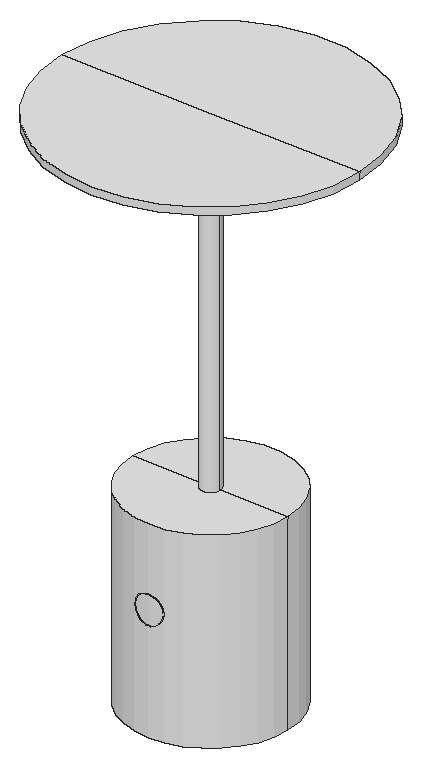
Revit family "ARKOSLIGHT_Yoru", category Lighting Fixtures, Revit 2019
Family settings
  Round Connector Dimension = Use Diameter
  Part Type = Normal
  OmniClass Number = 23.80.70.00
  OmniClass Title = Lighting
  Work Plane-Based = No
  Always vertical = Yes
  Cut with Voids When Loaded = No
  Light Source = No
  Shared = No
  Room Calculation Point = No
Parameters (values of type "A4560000WT - YORU 2700K WT")
  URL = "https://www.arkoslight.com/en/product/yoru01-es/"
  Type Comments = ""
  Model = ARKOSLIGHT_Model  # "YORU"
  Manufacturer = "ARKOSLIGHT"  # constant formula
  IES = IES : A4560000WT - YORU 2700K WT
  Apparent Load = ARKOSLIGHT_Apparent Load  # 2.6 VA
  ARKOSLIGHT_Series = "YORU"  # constant formula
  ARKOSLIGHT_Reference = "A4560000WT"
  ARKOSLIGHT_Model = "YORU"  # constant formula
  ARKOSLIGHT_Luminous flux = 400 lm
  ARKOSLIGHT_IP = "20"
  ARKOSLIGHT_IES = "A456-00-00 YORU 2700K CRI90.ies"
  ARKOSLIGHT_Fixture Type = "WALL, FLOOR & PORTABLE"  # constant formula
  ARKOSLIGHT_Efficiency = "84%"
  ARKOSLIGHT_Dimming = "3-STEP DIMMING 100% - 50% - 10% - 0% (Switch off)"
  ARKOSLIGHT_Color = "Textured white"
  ARKOSLIGHT_CRI = "CRI>90"
  ARKOSLIGHT_CCT = 2700 K
  ARKOSLIGHT_Body Color = ARKOSLIGHT_Textured white
  ARKOSLIGHT_Beam Angle = 100.00°
  ARKOSLIGHT_Apparent Load = 2.6 VA
Types (2, lengths in mm): name | IES | ARKOSLIGHT_Reference | ARKOSLIGHT_Color | ARKOSLIGHT_Body Color
  A4560000WT - YORU 2700K WT | IES : A4560000WT - YORU 2700K WT | "A4560000WT" | "Textured white" | ARKOSLIGHT_Textured white
  A4560000NT - YORU 2700K NT | IES : A4560000NT - YORU 2700K NT | "A4560000NT" | "Textured black" | ARKOSLIGHT_Textured black
Reference planes
  plane 1 "Light Source Axis (F/B)": y = 0
  plane 2: z = 0
  plane 3 "Light Source Axis (L/R)": x = 0
  plane 4 "Light Source Elevation": z = 220
Forms (mm)
  Revolve 1, solid, material "ARKOSLIGHT_Textured white" <- "ARKOSLIGHT_Body Color"
    sketch origin (0, 0, 0) x (1, 0, 0) y (0, 0, 1)
      loop
        line (62.5, 220) -> (0, 220) -> (0, 0) -> (32.5, 0) -> (32.5, 80.166) -> (3.973, 80.166) -> (3.973, 211.005) -> (11.081, 211.005) -> (11.081, 217.399) -> (30.406, 217.399) -> (30.406, 211.005) -> (32.338, 211.005) -> (32.5, 217.005) -> (62.5, 217.005) -> (62.5, 220)
      axis (0, 220) -> (0, 0)
    angle from 0 to 360
  Extrusion 2, solid
    sketch origin (0, 0, 217.399) x (1, 0, 0) y (0, -1, 0)
      loop
        circle (0, 0) r 30.406
      loop
        circle (0, 0) r 11.081
    from 0 to 6.395
  Extrusion 3, void
    sketch origin (0, 0, 0) x (1, 0, 0) y (0, 0, 1)
      loop
        circle (0, 48.106) r 6
      loop
        circle (0, 48.106) r 5.8
    from 25.63 to 32.671
Cuts and joins
  Extrusion 3 cuts Revolve 1
Lines and regions (mm)
  Masking region 1
    outline origin (0, 0, 217.399) x (1, 0, 0) y (0, 1, 0)
      loop
        circle (0, 0) r 62.5
  Masking region 2
    outline origin (0, 0, 0) x (1, 0, 0) y (0, 0, 1)
      loop
        line (62.5, 220) -> (-62.5, 220) -> (-62.5, 217.005) -> (-32.5, 217.005) -> (-32.338, 211.005) -> (-3.973, 211.005) -> (-3.973, 80.166) -> (-32.5, 80.166) -> (-32.5, 0) -> (32.5, 0) -> (32.5, 80.166) -> (3.973, 80.166) -> (3.973, 211.005) -> (32.338, 211.005) -> (32.5, 217.005) -> (62.5, 217.005) -> (62.5, 220)
  Masking region 3
    outline origin (0, 0, 0) x (0, 1, 0) y (0, 0, 1)
      loop
        line (-62.499, 220) -> (-62.499, 217.005) -> (-32.5, 217.005) -> (-32.338, 211.005) -> (-3.973, 211.005) -> (-3.973, 80.166) -> (-32.5, 80.166) -> (-32.5, 0) -> (32.5, 0) -> (32.5, 80.166) -> (3.973, 80.166) -> (3.973, 211.005) -> (32.338, 211.005) -> (32.5, 217.005) -> (62.499, 217.005) -> (62.499, 220) -> (-62.499, 220)
  symbolic lines
    curve 1: line (-32.5, 0, 217.005) -> (32.5, 0, 217.005)
    curve 2: line (-3.973, 0, 211.005) -> (3.973, 0, 211.005)
    curve 3: line (-3.973, 0, 80.166) -> (3.973, 0, 80.166)
    curve 4: circle (0, 0, 48.106) r 6 normal (0, -1, 0)
    curve 5: line (0, 32.5, 217.005) -> (0, -32.5, 217.005)
    curve 6: line (0, 3.973, 211.005) -> (0, -3.973, 211.005)
    curve 7: line (0, 3.973, 80.166) -> (0, -3.973, 80.166)
Dimensions and locks
  locked: plane 4 "Light Source Elevation" to plane 2 at 220
  aligned and locked: level to plane 2
  aligned and locked: Revolve 1 sketch curve to plane 4 "Light Source Elevation"
  aligned and locked: Revolve 1 sketch curve to plane 2
  aligned and locked: Revolve 1 sketch curve to plane 3 "Light Source Axis (L/R)"  (x2)
  aligned and locked: plane 3 "Light Source Axis (L/R)" to Extrusion 3 sketch curve  (x2)
  aligned and locked: curve 1 to cut or joined group of Revolve 1, Extrusion 3  (x2)
  aligned and locked: curve 2 to cut or joined group of Revolve 1, Extrusion 3  (x2)
  aligned and locked: curve 3 to cut or joined group of Revolve 1, Extrusion 3  (x2)
  aligned and locked: Masking region 2 sketch curve to plane 4 "Light Source Elevation"
  aligned and locked: Masking region 2 sketch curve to plane 2
  aligned and locked: Masking region 2 sketch curve to Masking region 2 sketch curve
  aligned and locked: cut or joined group of Revolve 1, Extrusion 3 to Masking region 2 sketch curve  (x2)
  aligned and locked: Masking region 2 sketch curve to cut or joined group of Revolve 1, Extrusion 3  (x2)
  aligned and locked: plane 4 "Light Source Elevation" to Masking region 3 sketch curve
  aligned and locked: plane 2 to Masking region 3 sketch curve
  aligned and locked: plane 3 "Light Source Axis (L/R)" to nested 1
Nested families
  nested 1: "IES" at (0, -0.007, 211.005), type <- "IES", type "A4560000WT - YORU 2700K WT"
Connectors
  electrical at (0, 0, 0), driven by "Apparent Load"
    settings: index 1, voltage 230 V, apparent load 0 VA, apparent load phase1 2.6 VA, apparent load phase2 0 VA, apparent load phase3 0 VA, power factor 1, load classification "Lighting", number of poles 1, system type 31, power factor state 1, is connector primary yes, connector utility no, sub classification motor no, connector description ""
Definition of nested family "IES"
  Parameters (values of type "A4560000NT - YORU 2700K NT")
    Wattage = 9.2903 W
    built-in parameter 1150110 = 1 (stored number, unit not read)
    URL = "https://www.arkoslight.com/en/product/yoru01-es/"
    Type Comments = ""
    built-in parameter 1114217 = 1 (stored number, unit not read)
    Tilt Angle = 90.00°
    built-in parameter 1150109 = 1 (stored number, unit not read)
    built-in parameter 1150134 = (empty or 0)
    built-in parameter 1150113 = 1 (stored number, unit not read)
    Photometric Web File = "A456-00-00 YORU 2700K CRI90.ies"
    Model = ARKOSLIGHT_Model  # "YORU"
    Manufacturer = "ARKOSLIGHT"  # constant formula
    Lumens = 400 lm
    built-in parameter 1150115 = 1 (stored number, unit not read)
    built-in parameter 1150105 = 109.82 (stored number, unit not read)
    built-in parameter 1150137 = (empty or 0)
    built-in parameter 1150139 = (empty or 0)
    built-in parameter 1150112 = 1 (stored number, unit not read)
    built-in parameter 1150114 = 1 (stored number, unit not read)
    built-in parameter 1150132 = 2
    built-in parameter 1150102 = (empty or 0)
    built-in parameter 1150138 = (empty or 0)
    built-in parameter 1150107 = 2700 (stored number, unit not read)
    built-in parameter 1150106 = 1.0982 (stored number, unit not read)
    built-in parameter 1150104 = 13.8 (stored number, unit not read)
    Dimming Lamp Color Temperature Shift = (empty or 0)
    Color Filter = 16777215
    built-in parameter 1114218 = 1 (stored number, unit not read)
    built-in parameter 1150133 = 10 (stored number, unit not read)
    Apparent Load = ARKOSLIGHT_Apparent Load  # 2.6 VA
    ARKOSLIGHT_Series = "YORU"  # constant formula
    ARKOSLIGHT_Reference = "A4560000NT"
    ARKOSLIGHT_Model = "YORU"  # constant formula
    ARKOSLIGHT_Luminous flux = 400 lm
    ARKOSLIGHT_IP = "20"
    ARKOSLIGHT_IES = "A456-00-00 YORU 2700K CRI90.ies"
    ARKOSLIGHT_Fixture Type = "WALL, FLOOR & PORTABLE"  # constant formula
    ARKOSLIGHT_Efficiency = "84%"
    ARKOSLIGHT_Dimming = "3-STEP DIMMING 100% - 50% - 10% - 0% (Switch off)"
    ARKOSLIGHT_CRI = "CRI>90"
    ARKOSLIGHT_CCT = 2700 K
    ARKOSLIGHT_Beam Angle = 100.00°
    ARKOSLIGHT_Apparent Load = 2.6 VA
  Types (2, lengths in mm): name | ARKOSLIGHT_Reference
    A4560000WT - YORU 2700K WT | "A4560000WT"
    A4560000NT - YORU 2700K NT | "A4560000NT"
  Reference planes
    plane 1 "Light Source Axis (F/B)": y = 0
    plane 2: z = 0
    plane 3 "Light Source Axis (L/R)": x = 0
    plane 4 "Light Source Elevation": z = 0
  Dimensions and locks
    aligned and locked: level to plane 2
    aligned and locked: plane 4 "Light Source Elevation" to plane 2
